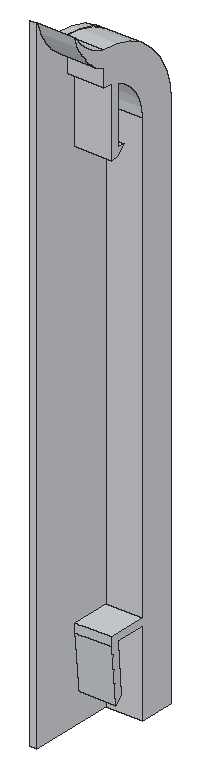
Revit family "HansWeitzel_193", category Allgemeines Modell, Revit 2017
Family settings
  Basisbauteil = Wand
  Kann Basisbauteil für Bewehrung sein = Nein
  Bemaßung runder Anschluss = Durchmesser verwenden
  Teiletyp = Normal
  Immer vertikal = Ja
  Beim Laden mit Abzugskörper schneiden = Nein
  Gemeinsam genutzt = Nein
  Raumberechnungspunkt = Nein
Parameters
  max. Betriebstemperatur (°C) = 90
  Werkstoff = "Polystyrol"
  Wandmontage möglich = yes
  Typname = "HZ-Stoßverbinder BLF Grau"
  Tiefe (mm) = 30
  Profilart = "Anschlussprofi"
  Menge pro Verpackungseinheit = 10
  Ist Zubehör = no
  Ist System = no
  Höhe [mm] = 93
  Hersteller = "Hans Weitzel GmbH & Co. KG"
  HeinzeBIM = "https://www.heinze.de/bim/hz-stossverbinder-blf-grau/a7d12ea26eca73c8a92937bc2ecf0aa18c4f03f8"
  HAN = "193"
  Gewicht unverpackt (netto) [kg] = 0.008
  GTIN = "4022023203714"
  Farbton = "grau"
  Dekor = "Grau"
  Breite [mm] = 40
  Beschreibung = "HZ-Stoßverbinder BLF Grau Formteil an Sollbruchstelle einkürzen"
  BIMSITE_PRODUCT_ID = "a7d12ea26eca73c8a92937bc2ecf0aa18c4f03f8"
  BIM = "https://media.live.bim.site/t/eyJhbGciOiJIUzI1NiIsInR5cCI6IkpXVCJ9.eyJjdCI6MSwidGYiOiJwdWJsaWMvaGFucy13ZWl0emVsLWdtYmgtY28ta2cvMjI1MGEyZS9IWl9CTEZfU3Rvc3N2ZXJiaW5kZXJfQmxpbmRsLnJmYSIsImNpZCI6ImZlZDk4ZTlhLTFiZDgtNGM2OC1hNzNiLTc0YTk0ZTMxNTgyMyIsInJpZCI6IjU0NmVlM2IzODZmYTdkODBiOGY3NWNlZjZiYjRjNTM2IiwicGlkIjoiYTdkMTJlYTI2ZWNhNzNjOGE5MjkzN2JjMmVjZjBhYTE4YzRmMDNmOCIsInNpZCI6IjYzNTU4IiwidXQiOjUsImxjIjoiZGUiLCJpYXQiOjE1ODAyMDcwMjgsImlzcyI6Imh0dHBzOi8vYXBpLmxpdmUuYmltLnNpdGUiLCJzdWIiOiJmNTg2YzRiNi1hNTA4LTQyN2EtOTgxOC0xMzE3OTY2NTc2YmMifQ.HjDg1p9G0_89A1Tp9WPZzOuuMJdpp2JocI-GtEDoD24/HZ_BLF_Stossverbinder_Blindl.rfa"
Reference planes
  plane 1: y = 0
  plane 2 "Center (Left/Right)": x = 0
  plane 3 "Wall Edge": y = 76.2
Text (mm)
  text "Placement Side" at (0, 1019.848, 3124.603), in view "Right"
  text "Placement Side" at (-1787.662, 723.012, 0), in view "Ref. Level"
  text "Placement Side" at (0, 2073.289, 3571.227), in view "Left"
Dimensions and locks
  locked: plane 3 "Wall Edge" to host wall
  aligned and locked: plane 3 "Wall Edge" to nested 1
Nested families
  nested 1: "HZ_BLF_Stossverbinder_Blindl" at (1, 76.2, 0), type "HZ_BLF_Stossverbinder_Blindl"
Definition of nested family "HZ_BLF_Stossverbinder_Blindl"
  Reference planes
    plane 1 "Center (Front/Back)": y = 0
    plane 2: z = 0
    plane 3 "Center (Left/Right)": x = 0
  Forms (mm)
    Extrusion 1, solid
      sketch origin (0, 0, 0) x (0, 1, 0) y (0, 0, 1)
        loop
          arc (16, 72) -> (12.727, 79.83) -> (4.854, 82.999) r 11
          arc (4.854, 82.999) -> (2.091, 84.316) -> (0, 86.553) r 8.222
          arc (0, 86.553) -> (1.757, 83.087) -> (4.851, 80.736) r 8.67
          line (4.851, 80.736) -> (4.851, 78.472)
          arc (4.851, 78.472) -> (5.499, 78.442) -> (6.14, 78.346) r 6.5
          line (6.14, 78.346) -> (6.14, 69.232) -> (7.064, 69.232) -> (8.141, 70.371) -> (7.148, 70.371) -> (7.148, 78.059)
          arc (7.148, 78.059) -> (10.208, 75.675) -> (11.366, 71.972) r 6.5
          line (11.366, 71.972) -> (11.366, 12.318) -> (6.13, 12.318) -> (6.13, 11.14) -> (6.85, 3.802) -> (7.723, 4.72) -> (7.157, 11.4) -> (11.366, 11.4) -> (11.366, 0) -> (16, 0) -> (16, 72)
      from 0 to 5
    Extrusion 2, solid
      sketch origin (-1, 0, 0) x (0, 1, 0) y (0, 0, 1)
        loop
          line (16, 0) -> (16, 72)
          arc (16, 72) -> (12.727, 79.83) -> (4.854, 82.999) r 11
          arc (4.854, 82.999) -> (2.091, 84.316) -> (0, 86.553) r 8.222
          line (0, 86.553) -> (0, 0) -> (16, 0)
      from 0 to 1
  Dimensions and locks
    aligned and locked: plane 2 to level
